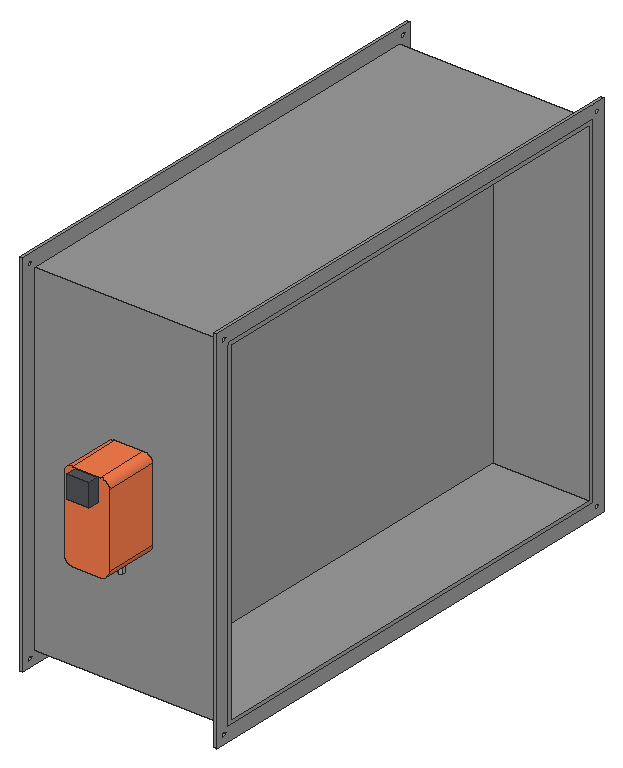
Revit family "КП-2_Eng", category Duct Accessories, Revit 2021
Family settings
  Round Connector Dimension = Use Diameter
  Part Type = Attaches To
  Work Plane-Based = No
  Always vertical = Yes
  Cut with Voids When Loaded = No
  Shared = No
Parameters (values of type "KP-2-800х600-2-PVP230T-SN-1")
  Actuator location (outside) = yes
  Actuator location (inside) = no
  Width = B2  # 660 mm
  Weight = 34.70 kg
  Voltage = 230 V  # constant formula
  Pressure_Static_Air [instance] = 0.0 Pa
  Number of Fase = 1  # constant formula
  Maximum Air Flow = 0 m³/h
  Load Classification = "HVAC"
  Length = 350 mm  # constant formula
  Height = A2  # 860 mm
  Frequency = 50 Hz  # constant formula
  Default Elevation = 0 mm
  Manufacturer = "Vents"  # constant formula
  Two flanges = yes
  URL = "https://ventilation-system.com/series/kp-2-pkp-kp-2-pvp-kp-2-psp#description#description"
  B = 600 mm
  Apparent Load = 11 VA
  An = A + 10 mm  # 810 mm
  Air Flow [instance] = 0 m³/h
  A3 = A / 2  # 400 mm
  A2 = 860 mm
  A1 = 830 mm
  Bn = B + 10 mm  # 610 mm
  B3 = B1 / 2  # 315 mm
  B2 = 660 mm
  Maintenance zone material = none
  Casing Material = Metal, painted, blue, matte RAL 5007
  B1 = 630 mm
  A = 800 mm
  09_System_Name [instance] = ""
  00_20_Type = "KP-2-800х600-2-PVP230T-SN-1"
  00_20_Name = "Fire-resisting damper"  # constant formula
  00_20_Manufacturer = "Vents"  # constant formula
Types (22, lengths in mm): name | Width | Weight | Height | B | Apparent Load | An | A3 | A2 | A1 | Bn | B3 | B2 | B1 | A | 00_20_Type
  (no name) | 660 | 34.70 kg | 860 | 600 | 11 VA | 810 | 400 | 860 | 830 | 610 | 315 | 660 | 630 | 800 | "KP-2-800х600-2-PVP230T-SN-1"
  KP-2-200х200-2-PVP230T-SN-1 | 240 | 5.70 kg | 240 | 200 | 6.5 VA | 210 | 100 | 240 | 220 | 210 | 110 | 240 | 220 | 200 | "KP-2-200х200-2-PVP230T-SN-1"
  KP-2-1000х1000-2-PVP230T-SN-1 | 1060 | 58.00 kg | 1060 | 1000 | 11 VA | 1010 | 500 | 1060 | 1030 | 1010 | 515 | 1060 | 1030 | 1000 | "KP-2-1000х1000-2-PVP230T-SN-1"
  KP-2-250х200-2-PVP230T-SN-1 | 240 | 6.20 kg | 290 | 200 | 10 VA | 260 | 125 | 290 | 270 | 210 | 110 | 240 | 220 | 250 | "KP-2-250х200-2-PVP230T-SN-1"
  KP-2-250х250-2-PVP230T-SN-1 | 290 | 6.90 kg | 290 | 250 | 10 VA | 260 | 125 | 290 | 270 | 260 | 135 | 290 | 270 | 250 | "KP-2-250х250-2-PVP230T-SN-1"
  KP-2-300х200-2-PVP230T-SN-1 | 240 | 6.80 kg | 340 | 200 | 10 VA | 310 | 150 | 340 | 320 | 210 | 110 | 240 | 220 | 300 | "KP-2-300х200-2-PVP230T-SN-1"
  KP-2-300х250-2-PVP230T-SN-1 | 290 | 7.50 kg | 340 | 250 | 10 VA | 310 | 150 | 340 | 320 | 260 | 135 | 290 | 270 | 300 | "KP-2-300х250-2-PVP230T-SN-1"
  KP-2-300х300-2-PVP230T-SN-1 | 340 | 9.20 kg | 340 | 300 | 10 VA | 310 | 150 | 340 | 320 | 310 | 160 | 340 | 320 | 300 | "KP-2-300х300-2-PVP230T-SN-1"
  KP-2-400х250-2-PVP230T-SN-1 | 290 | 9.00 kg | 440 | 250 | 10 VA | 410 | 200 | 440 | 420 | 260 | 135 | 290 | 270 | 400 | "KP-2-400х250-2-PVP230T-SN-1"
  KP-2-400х300-2-PVP230T-SN-1 | 340 | 10.80 kg | 440 | 300 | 10 VA | 410 | 200 | 440 | 420 | 310 | 160 | 340 | 320 | 400 | "KP-2-400х300-2-PVP230T-SN-1"
  KP-2-400х400-2-PVP230T-SN-1 | 440 | 12.60 kg | 440 | 400 | 10 VA | 410 | 200 | 440 | 420 | 410 | 210 | 440 | 420 | 400 | "KP-2-400х400-2-PVP230T-SN-1"
  KP-2-500х300-2-PVP230T-SN-1 | 340 | 12.30 kg | 540 | 300 | 10 VA | 510 | 250 | 540 | 520 | 310 | 160 | 340 | 320 | 500 | "KP-2-500х300-2-PVP230T-SN-1"
  KP-2-500х400-2-PVP230T-SN-1 | 440 | 14.30 kg | 540 | 400 | 10 VA | 510 | 250 | 540 | 520 | 410 | 210 | 440 | 420 | 500 | "KP-2-500х400-2-PVP230T-SN-1"
  KP-2-500х500-2-PVP230T-SN-1 | 560 | 23.00 kg | 560 | 500 | 10 VA | 510 | 250 | 560 | 530 | 510 | 265 | 560 | 530 | 500 | "KP-2-500х500-2-PVP230T-SN-1"
  KP-2-600х400-2-PVP230T-SN-1 | 440 | 16.20 kg | 640 | 400 | 10 VA | 610 | 300 | 640 | 620 | 410 | 210 | 440 | 420 | 600 | "KP-2-600х400-2-PVP230T-SN-1"
  KP-2-600х500-2-PVP230T-SN-1 | 560 | 25.60 kg | 660 | 500 | 11 VA | 610 | 300 | 660 | 630 | 510 | 265 | 560 | 530 | 600 | "KP-2-600х500-2-PVP230T-SN-1"
  KP-2-600х600-2-PVP230T-SN-1 | 660 | 28.60 kg | 660 | 600 | 11 VA | 610 | 300 | 660 | 630 | 610 | 315 | 660 | 630 | 600 | "KP-2-600х600-2-PVP230T-SN-1"
  KP-2-800х500-2-PVP230T-SN-1 | 560 | 31.30 kg | 860 | 500 | 11 VA | 810 | 400 | 860 | 830 | 510 | 265 | 560 | 530 | 800 | "KP-2-800х500-2-PVP230T-SN-1"
  KP-2-800х600-2-PVP230T-SN-1 | 660 | 34.70 kg | 860 | 600 | 11 VA | 810 | 400 | 860 | 830 | 610 | 315 | 660 | 630 | 800 | "KP-2-800х600-2-PVP230T-SN-1"
  KP-2-800х800-2-PVP230T-SN-1 | 860 | 42.00 kg | 860 | 800 | 11 VA | 810 | 400 | 860 | 830 | 810 | 415 | 860 | 830 | 800 | "KP-2-800х800-2-PVP230T-SN-1"
  KP-2-1000х600-2-PVP230T-SN-1 | 660 | 40.70 kg | 1060 | 600 | 11 VA | 1010 | 500 | 1060 | 1030 | 610 | 315 | 660 | 630 | 1000 | "KP-2-1000х600-2-PVP230T-SN-1"
  KP-2-1000х800-2-PVP230T-SN-1 | 860 | 50.20 kg | 1060 | 800 | 11 VA | 1010 | 500 | 1060 | 1030 | 810 | 415 | 860 | 830 | 1000 | "KP-2-1000х800-2-PVP230T-SN-1"
Reference planes
  plane 1 "По центру (Вперед/Назад)": y = 0
  plane 2: z = 0
  plane 3 "По центру (Влево/Вправо)": x = 0
  plane 4: z = 315
  plane 5: z = -315
  plane 6: y = 415
  plane 7: y = -415
Forms (mm)
  Extrusion 1, solid, material "Сталь, гальванизированная", visible <- "Two flanges"
    sketch origin (0, 0, 0) x (0, 1, 0) y (0, 0, 1)
      loop
        line (405, -305) -> (405, 305) -> (-405, 305) -> (-405, -305) -> (405, -305)
      loop
        line (430, -330) -> (430, 330) -> (-430, 330) -> (-430, -330) -> (430, -330)
      loop
        circle (415, 315) r 4.25
      loop
        circle (-415, 315) r 4.25
      loop
        circle (-415, -315) r 4.25
      loop
        circle (415, -315) r 4.25
    from 170 to 175
  Extrusion 2, solid, material "Сталь, гальванизированная"
    sketch origin (0, 0, 0) x (0, 1, 0) y (0, 0, 1)
      loop
        line (400, -300) -> (400, 300) -> (-400, 300) -> (-400, -300) -> (400, -300)
      loop
        line (430, -330) -> (430, 330) -> (-430, 330) -> (-430, -330) -> (430, -330)
      loop
        circle (415, -315) r 4.25
      loop
        circle (-415, -315) r 4.25
      loop
        circle (-415, 315) r 4.25
      loop
        circle (415, 315) r 4.25
    from -170 to -175
  Extrusion 3, solid, material "Сталь, гальванизированная"
    sketch origin (0, 0, 0) x (0, 1, 0) y (0, 0, 1)
      loop
        line (400, -300) -> (400, 300) -> (-400, 300) -> (-400, -300) -> (400, -300)
      loop
        line (405, -305) -> (405, 305) -> (-405, 305) -> (-405, -305) -> (405, -305)
    from -170 to 175
  Extrusion 4, solid, material "Сталь, гальванизированная"
    sketch origin (0, 0, 0) x (0, 1, 0) y (0, 0, 1)
      loop
        line (400, -300) -> (400, 300) -> (-400, 300) -> (-400, -300) -> (400, -300)
    from 2.5 to -2.5
Dimensions and locks
  equal spacing: Extrusion 1 sketch curve, level, Extrusion 1 sketch curve  (x2)
  equal spacing: Extrusion 1 sketch curve, plane 1 "По центру (Вперед/Назад)", Extrusion 1 sketch curve  (x2)
  "An": Extrusion 1 sketch curve to Extrusion 1 sketch curve
  "Bn": Extrusion 1 sketch curve to Extrusion 1 sketch curve
  "A2": Extrusion 1 sketch curve to Extrusion 1 sketch curve
  "B2": Extrusion 1 sketch curve to Extrusion 1 sketch curve
  equal spacing: plane 4, level, plane 5
  "B1": plane 4 to plane 5
  equal spacing: plane 6, plane 1 "По центру (Вперед/Назад)", plane 7
  "A1": plane 6 to plane 7
  equal spacing: Extrusion 2 sketch curve, plane 1 "По центру (Вперед/Назад)", Extrusion 2 sketch curve  (x2)
  "A": Extrusion 2 sketch curve to Extrusion 2 sketch curve
  "A2": Extrusion 2 sketch curve to Extrusion 2 sketch curve
  equal spacing: Extrusion 2 sketch curve, level, Extrusion 2 sketch curve  (x2)
  "B": Extrusion 2 sketch curve to Extrusion 2 sketch curve
  "B2": Extrusion 2 sketch curve to Extrusion 2 sketch curve
  equal spacing: Extrusion 3 sketch curve, plane 1 "По центру (Вперед/Назад)", Extrusion 3 sketch curve  (x2)
  "A": Extrusion 3 sketch curve to Extrusion 3 sketch curve
  equal spacing: Extrusion 3 sketch curve, level, Extrusion 3 sketch curve  (x2)
  "B": Extrusion 3 sketch curve to Extrusion 3 sketch curve
  "Bn": Extrusion 3 sketch curve to Extrusion 3 sketch curve
  "An": Extrusion 3 sketch curve to Extrusion 3 sketch curve
  equal spacing: Extrusion 4 sketch curve, plane 1 "По центру (Вперед/Назад)", Extrusion 4 sketch curve
  "A": Extrusion 4 sketch curve to Extrusion 4 sketch curve
  equal spacing: Extrusion 4 sketch curve, level, Extrusion 4 sketch curve
  "B": Extrusion 4 sketch curve to Extrusion 4 sketch curve
  "B3": nested 1 to plane 5
  "B3": plane 4 to nested 2
  "A3": nested 2 to plane 1 "По центру (Вперед/Назад)"
  aligned and locked: level to plane 2
  aligned and locked: Extrusion 3 to Extrusion 2
Automatic sketch dimensions
  Extrusion 1 sketch curve to plane 4 = 0 mm  (x2)
  Extrusion 1 sketch curve to plane 7 = 0 mm  (x2)
  Extrusion 1 sketch curve to plane 5 = 0 mm  (x2)
  Extrusion 1 sketch curve to plane 6 = 0 mm  (x2)
  Extrusion 2 sketch curve to plane 5 = 0 mm  (x2)
  Extrusion 2 sketch curve to plane 7 = 0 mm  (x2)
  Extrusion 2 sketch curve to plane 4 = 0 mm  (x2)
  Extrusion 2 sketch curve to plane 6 = 0 mm  (x2)
  radius of Extrusion 1 sketch curve = 4.25 mm  (x4)
  radius of Extrusion 2 sketch curve = 4.25 mm  (x4)
Nested families
  nested 1: "ADSK_Electric drive" at (0, -405, 0) x (1, 0, 0) z (0, -1, 0), visible <- "Actuator location (outside)", type "BLF"
  nested 2: "ADSK_Electric drive" at (42.5, -285, 0) x (1, 0, 0) z (0, -1, 0), visible <- "Actuator location (inside)", type "BLF"
Connectors
  hvac at (175, 0, 0), driven by "A", driven by "B"
    settings: on Extrusion 3, index 1, duct flow 0 m³/h, flow factor 0, pres drop 0.0 Pa, loss coef 0, conn angle 0.00°, conn width 600 mm, conn height 800 mm, conn diameter 609.6 mm, duct sys type 3, conn prof type 1, flow config 0, flow direction 2, loss method 0, conn ref index -1, conn util no, is conn primary yes, conn desc ""
  hvac at (-175, 0, 0), driven by "A", driven by "B"
    settings: on Extrusion 2, index 2, duct flow 0 m³/h, flow factor 0, pres drop 0.0 Pa, loss coef 0, conn angle 0.00°, conn width 600 mm, conn height 800 mm, conn diameter 609.6 mm, duct sys type 3, conn prof type 1, flow config 0, flow direction 1, loss method 0, conn ref index -1, conn util no, is conn primary no, conn desc ""
Definition of nested family "ADSK_Electric drive"
  Parameters (values of type "BLF")
    Default Elevation = 1219.2 mm
    Материал корпуса = none
    Материал коробки = none
  Reference planes
    plane 1 "По центру (Вперед/Назад)": y = 0
    plane 2: z = 0
    plane 3 "По центру (Влево/Вправо)": x = 0
  Forms (mm)
    Extrusion 1, solid, material <- "Материал корпуса"
      sketch origin (0, -1.292, 0) x (1, 0, 0) y (0, 1, 0)
        loop
          arc (-25, 81.292) -> (-35.607, 76.899) -> (-40, 66.292) r 15
          line (-40, 66.292) -> (-40, -63.708)
          arc (-40, -63.708) -> (-35.607, -74.314) -> (-25, -78.708) r 15
          line (-25, -78.708) -> (25, -78.708)
          arc (25, -78.708) -> (35.607, -74.314) -> (40, -63.708) r 15
          line (40, -63.708) -> (40, 66.292)
          arc (40, 66.292) -> (35.607, 76.899) -> (25, 81.292) r 15
          line (25, 81.292) -> (-25, 81.292)
      from 0 to 95
    Extrusion 2, solid, material <- "Материал коробки"
      sketch origin (0, -1.292, 105) x (1, 0, 0) y (0, 1, 0)
        loop
          line (-20, 79.66) -> (-20, 39.66) -> (20, 39.66) -> (20, 79.66) -> (-20, 79.66)
      from -10 to 10
    Extrusion 3, solid
      sketch origin (-5, -80, -46.965) x (1, 0, 0) y (0, 0, -1)
        loop
          line (-10, -80) -> (-14.33, -82.5) -> (-14.33, -87.5) -> (-10, -90) -> (-5.67, -87.5) -> (-5.67, -82.5) -> (-10, -80)
      from 0 to -20
    Extrusion 4, solid
      sketch origin (5, -80, -46.965) x (-1, 0, 0) y (0, 0, 1)
        loop
          line (-10, 80) -> (-5.67, 82.5) -> (-5.67, 87.5) -> (-10, 90) -> (-14.33, 87.5) -> (-14.33, 82.5) -> (-10, 80)
      from 0 to -20
    Extrusion 5, solid
      sketch origin (0, 0, 0) x (1, 0, 0) y (0, 1, 0)
        loop
          circle (0, 58.367) r 6
      from 0 to -70
  Dimensions and locks
    equal spacing: Extrusion 1, plane 1 "По центру (Вперед/Назад)", Extrusion 1
    Extrusion 1 to Extrusion 1 = 160 mm
    level to Extrusion 2 = 115 mm
    aligned and locked: level to plane 2
    aligned and locked: Extrusion 2 to Extrusion 1
  Automatic sketch dimensions
    Extrusion 1 sketch curve to plane 3 "По центру (Влево/Вправо)" = 40 mm
    Extrusion 1 sketch curve to Extrusion 1 sketch curve = 15 mm  (x3)
    plane 3 "По центру (Влево/Вправо)" to Extrusion 1 sketch curve = 25 mm  (x2)
    plane 1 "По центру (Вперед/Назад)" to Extrusion 1 sketch curve = 80 mm
    Extrusion 1 sketch curve to plane 1 "По центру (Вперед/Назад)" = 65 mm
    Extrusion 2 sketch curve to plane 3 "По центру (Влево/Вправо)" = 20 mm
    plane 3 "По центру (Влево/Вправо)" to Extrusion 2 sketch curve = 20 mm
    Extrusion 2 sketch curve to plane 1 "По центру (Вперед/Назад)" = 38.367 mm
    Extrusion 2 sketch curve to Extrusion 2 sketch curve = 40 mm
    Extrusion 3 sketch curve to plane 3 "По центру (Влево/Вправо)" = 19.33 mm
    Extrusion 3 sketch curve to Extrusion 3 sketch curve = 4.33 mm  (x3)
    level to Extrusion 3 sketch curve = 43.035 mm
    Extrusion 3 sketch curve to Extrusion 3 sketch curve = 2.5 mm  (x3)
    Extrusion 3 sketch curve to Extrusion 3 sketch curve = 5 mm  (x2)
    plane 3 "По центру (Влево/Вправо)" to Extrusion 4 sketch curve = 19.33 mm
    Extrusion 4 sketch curve to Extrusion 4 sketch curve = 4.33 mm  (x3)
    level to Extrusion 4 sketch curve = 33.035 mm
    Extrusion 4 sketch curve to Extrusion 4 sketch curve = 2.5 mm  (x3)
    Extrusion 4 sketch curve to Extrusion 4 sketch curve = 5 mm  (x2)
    Extrusion 5 sketch curve to plane 3 "По центру (Влево/Вправо)" = 0 mm
    Extrusion 5 sketch curve to plane 1 "По центру (Вперед/Назад)" = 58.367 mm
    radius of Extrusion 5 sketch curve = 6 mm
